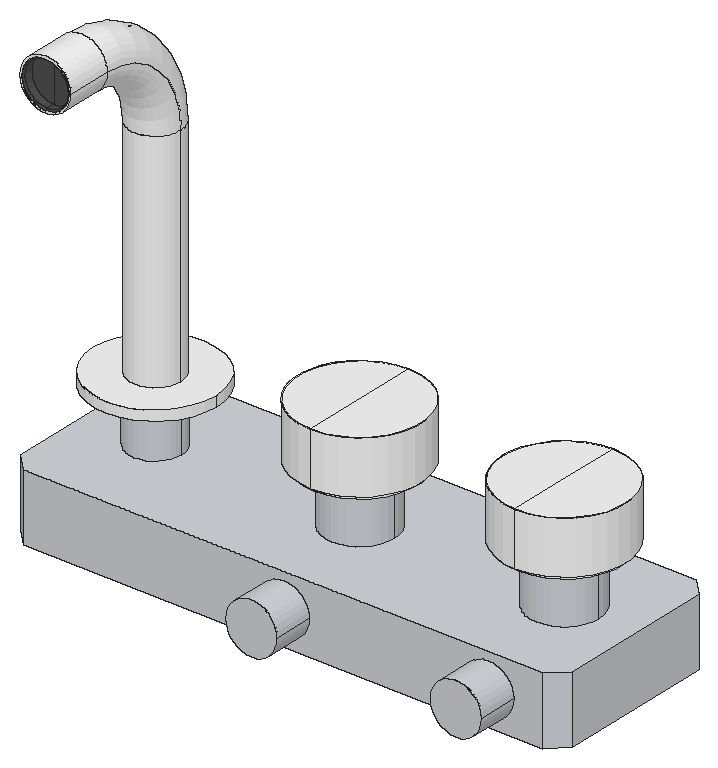
Revit family "Reece_Tap_Milli_Pure_Basin Tap Hostess System_160 mm_Cirque Texture", category Plumbing Fixtures, host Face, Revit 2018
Family settings
  Host = Face
  Round Connector Dimension = Use Diameter
  Part Type = Normal
  Cut with Voids When Loaded = No
  Shared = Yes
  Room Calculation Point = Yes
Parameters (values of type "Chrome")
  WFU = 0  # constant formula
  URL = "https://www.reece.com.au/product/-2224854"
  Type Comments = "Tap"
  Reece_Tap_Reach = 160 mm  # constant formula
  Reece_Tap_Inlet = 15 mm  # constant formula
  Reece_Product_Web Page = "https://www.reece.com.au/product/-2224854"
  Reece_Product_Type = "Tap"  # constant formula
  Reece_Product_Sub Brand = "Pure"  # constant formula
  Reece_Product_Number = "2224854"
  Reece_Product_Mount = "Wall Mounted"
  Reece_Product_Description = "Milli Pure Wall Basin Hostess System 160mm Right Hand with Cirque Textured Handles Chrome (3 star)"
  Reece_Product_Brand = "Milli"  # constant formula
  Reece_Overall_Length = 172.5 mm  # constant formula
  Reece_Material_Secondary = Reece_Brass_Chrome_Cirque Pattern
  Reece_Material_Main = Reece_Brass_Chrome
  Reece_Detail_Tap_Handle Texture = "Cirque Texture"  # constant formula
  Reece_Detail_Installation = ""
  Reece_Detail_Disclaimer = "THIS FILE IS THE PROPERTY OF THE REECE GROUP. IT MAY NOT BE REPRODUCED, REVERSE-ENGINEERED OR MODIFIED. ANY REPUBLICATION, TRANSMISSION OR DISTRIBUTION FOR THE PURPOSE OF COMMERCIALLY EXPLOITING THE FILES IS PROHIBITED."  # constant formula
  Reece_Detail_Connector = ""
  Reece_Detail_Additional = "Basin Tap Hostess System\r\n"  # constant formula
  Reece_3D Texture = no
  Reece_3D Simplified Geometry = not(Reece_3D Texture)  # yes
  Model = "Pure"
  Manufacturer = "Milli"
  Keynote = "Product #2224854, Reece_Tap_Milli_Pure_Basin Tap Hostess System_160 mm_Cirque Texture - Chrome"
  HWFU = 0  # constant formula
  Disclaimer = "THIS FILE IS THE PROPERTY OF THE REECE GROUP. IT MAY NOT BE REPRODUCED, REVERSE-ENGINEERED OR MODIFIED. ANY REPUBLICATION, TRANSMISSION OR DISTRIBUTION FOR THE PURPOSE OF COMMERCIALLY EXPLOITING THE FILES IS PROHIBITED."  # constant formula
  Description = "Milli Pure Wall Basin Hostess System 160mm Right Hand with Cirque Textured Handles Chrome (3 star)"
  Default Elevation = 1000 mm
  CWFU = 0  # constant formula
Types (6, lengths in mm): name | URL | Reece_Product_Web Page | Reece_Product_Number | Reece_Product_Description | Reece_Material_Secondary | Reece_Material_Main | Keynote | Description
  Brushed Gunmetal | "https://www.reece.com.au/product/-2224856" | "https://www.reece.com.au/product/-2224856" | "2224856" | "Milli Pure Wall Basin Hostess System 160mm Right Hand with Cirque Textured Handles Brushed Gunmetal (3 star)" | Reece_Brass_Brushed Gunmetal_Cirque Pattern | Reece_Brass_Brushed Gunmetal | "Product #2224856, Reece_Tap_Milli_Pure_Basin Tap Hostess System_160 mm_Cirque Texture - Brushed Gunmetal" | "Milli Pure Wall Basin Hostess System 160mm Right Hand with Cirque Textured Handles Brushed Gunmetal (3 star)"
  Brushed Nickel | "https://www.reece.com.au/product/-2224855" | "https://www.reece.com.au/product/-2224855" | "2224855" | "Milli Pure Wall Basin Hostess System 160mm Right Hand with Cirque Textured Handles Brushed Nickel (3 star)" | Reece_Brass_Brushed Nickel_Cirque Pattern | Reece_Brass_Brushed Nickel | "Product #2224855, Reece_Tap_Milli_Pure_Basin Tap Hostess System_160 mm_Cirque Texture - Brushed Nickel" | "Milli Pure Wall Basin Hostess System 160mm Right Hand with Cirque Textured Handles Brushed Nickel (3 star)"
  Chrome | "https://www.reece.com.au/product/-2224854" | "https://www.reece.com.au/product/-2224854" | "2224854" | "Milli Pure Wall Basin Hostess System 160mm Right Hand with Cirque Textured Handles Chrome (3 star)" | Reece_Brass_Chrome_Cirque Pattern | Reece_Brass_Chrome | "Product #2224854, Reece_Tap_Milli_Pure_Basin Tap Hostess System_160 mm_Cirque Texture - Chrome" | "Milli Pure Wall Basin Hostess System 160mm Right Hand with Cirque Textured Handles Chrome (3 star)"
  Matte Black | "https://www.reece.com.au/product/-2224857" | "https://www.reece.com.au/product/-2224857" | "2224857" | "Milli Pure Wall Basin Hostess System 160mm Right Hand with Cirque Textured Handles Matte Black (3 star)" | Reece_Brass_Matte Black_Cirque Pattern | Reece_Brass_Matte Black | "Product #2224857, Reece_Tap_Milli_Pure_Basin Tap Hostess System_160 mm_Cirque Texture - Matte Black" | "Milli Pure Wall Basin Hostess System 160mm Right Hand with Cirque Textured Handles Matte Black (3 star)"
  PVD Brushed Bronze | "https://www.reece.com.au/product/-9511060" | "https://www.reece.com.au/product/-9511060" | "9511060" | "Milli Pure Wall Basin Hostess System 160mm Right Hand with Cirque Textured Handles PVD Brushed Bronze (3 Star)" | Reece_PVD_Brushed Bronze_Cirque Pattern | Reece_PVD_Brushed Bronze | "Product #9511060, Reece_Tap_Milli_Pure_Basin Tap Hostess System_160 mm_Cirque Texture - PVD Brushed Bronze" | "Milli Pure Wall Basin Hostess System 160mm Right Hand with Cirque Textured Handles PVD Brushed Bronze (3 Star)"
  PVD Brushed Gold | "https://www.reece.com.au/product/-9510875" | "https://www.reece.com.au/product/-9510875" | "9510875" | "Milli Pure Wall Basin Hostess System 160mm Right Hand with Cirque Textured Handles PVD Brushed Gold (3 Star)" | Reece_PVD_Brushed Gold_Cirque Pattern | Reece_PVD_Brushed Gold | "Product #9510875, Reece_Tap_Milli_Pure_Basin Tap Hostess System_160 mm_Cirque Texture - PVD Brushed Gold" | "Milli Pure Wall Basin Hostess System 160mm Right Hand with Cirque Textured Handles PVD Brushed Gold (3 Star)"
Reference planes
  plane 1 "Center (Front/Back)": y = 0
  plane 2 "Bottom": z = 0
  plane 3 "Center (Left/Right)": x = 0
  plane 4 "Top": z = 172.5
  plane 5: z = 160
  plane 6: y = -67
  plane 7: x = -100
  plane 8: x = 100
Forms (mm)
  Extrusion 1, solid, material "Reece_Brass_Chrome" <- "Reece_Material_Main"
    sketch origin (-50, 0, 0) x (1, 0, 0) y (0, 1, 0)
      loop
        circle (-50, 0) r 30
    from 0 to 5
  Sweep 2, solid, material "Reece_Brass_Chrome" <- "Reece_Material_Main"
    path origin (0, 0, 0) x (0, 1, 0) y (0, 0, 1)
      loop
        line (-67, 160) -> (-45, 160)
        arc (-45, 160) -> (-13.18, 146.82) -> (0, 115) r 45
        line (0, 115) -> (0, 0)
    profile origin (0, 0, 57.5) x (1, 0, 0) y (0, 1, 0)
      loop
        circle (-100, 0) r 12.5
      loop
        circle (-100, 0) r 11.5
  Revolve 3, solid, material "Reece_Brass_Matte Black"
    sketch origin (-100, -183.21, 28.488) x (0, 0.572951, -0.81959) y (0, 0.81959, 0.572951)
      loop
        line (-38.39, 174.619) -> (-37.119, 176.437) -> (-46.38, 182.911) -> (-50.465, 177.068) -> (-49.461, 177.508) -> (-47.184, 180.766) -> (-38.39, 174.619)
      axis (-37.119, 176.437) -> (-41.203, 170.594)
    angle from 0 to 360
  Extrusion 4, solid
    sketch origin (0, 0, 0) x (1, 0, 0) y (0, 1, 0)
      loop
        line (-126.853, 46.5) -> (-135, 38.353) -> (-135, -38.353) -> (-126.853, -46.5) -> (126.853, -46.5) -> (135, -38.353) -> (135, 38.353) -> (126.853, 46.5) -> (-126.853, 46.5)
    from -60 to -27
  Extrusion 5, solid
    sketch origin (50, 0, -3.5) x (-1, 0, 0) y (0, 0, 1)
      loop
        circle (50, -40) r 12.5
    from -66.119 to -46.5
  Extrusion 6, solid
    sketch origin (150, 0, -3.5) x (-1, 0, 0) y (0, 0, 1)
      loop
        circle (50, -40) r 12.5
    from -66.119 to -46.5
  Extrusion 7, void
    sketch origin (-150, 0, 0) x (1, 0, 0) y (0, 1, 0)
      loop
        circle (50, 0) r 17
    from 0 to -27
  Extrusion 8, void
    sketch origin (50, 0, 0) x (-1, 0, 0) y (0, -1, 0)
      loop
        circle (50, 0) r 20
    from 0 to -27
  Extrusion 9, void
    sketch origin (150, 0, 0) x (-1, 0, 0) y (0, -1, 0)
      loop
        circle (50, 0) r 20
    from 0 to -27
  Extrusion 10, solid
    sketch origin (-50, 0, 0) x (1, 0, 0) y (0, 1, 0)
      loop
        circle (50, 0) r 17
    from 0 to -27
  Extrusion 11, solid
    sketch origin (-150, 0, 0) x (1, 0, 0) y (0, 1, 0)
      loop
        circle (50, 0) r 13
    from 0 to -27
  Extrusion 12, solid
    sketch origin (50, 0, 0) x (1, 0, 0) y (0, 1, 0)
      loop
        circle (50, 0) r 17
    from 0 to -27
Cuts and joins
  Extrusion 7 cuts Extrusion 1
  Extrusion 7 cuts Sweep 2
  joined: Extrusion 1, Sweep 2
  Extrusion 7, Extrusion 8, Extrusion 9 cuts Extrusion 4
  Extrusion 7, Extrusion 8, Extrusion 9 cuts Extrusion 5
  Extrusion 7, Extrusion 8, Extrusion 9 cuts Extrusion 6
  joined: Extrusion 4, Extrusion 5, Extrusion 6, Extrusion 10, Extrusion 11, Extrusion 12
Text (mm)
  text "Reece Copyright © 2018, Reece Ltd." at (-1177.398, -222.799, 0), in view "Ref. Level"
  text "Reece ©" at (44.384, 258.95, 192.345), in view "Reece Preview"
Dimensions and locks
  "Reece_Tap_Reach": plane 5 to plane 2 "Bottom"
  plane 1 "Center (Front/Back)" to plane 6 = 67 mm
  locked: plane 4 "Top" to plane 5 at 12.5
  "Reece_Overall_Length": plane 4 "Top" to plane 2 "Bottom"
  plane 7 to plane 3 "Center (Left/Right)" to plane 8 = 100 mm, 100 mm
  aligned and locked: plane 2 "Bottom" to host face
  aligned and locked: level to host face
  aligned and locked: plane 5 to Sweep 2 sketch curve
  aligned and locked: plane 6 to Sweep 2 sketch curve
Automatic sketch dimensions
  host sketch curve to host sketch curve = 380.785 mm
  host sketch curve to host sketch curve = 317.421 mm
  plane 1 "Center (Front/Back)" to Extrusion 1 sketch curve = 0 mm
  Extrusion 1 sketch curve to plane 3 "Center (Left/Right)" = 100 mm
  level to Sweep 2 sketch curve = 0 mm
  Sweep 2 sketch curve to plane 1 "Center (Front/Back)" = 0 mm
  Sweep 2 sketch curve to plane 6 = 22 mm
  Sweep 2 sketch curve to Sweep 2 sketch curve = 0 mm  (x2)
  profile plane to Sweep 2 sketch curve = 0 mm
  Sweep 2 sketch curve to plane 3 "Center (Left/Right)" = 100 mm
  Revolve 3 sketch curve to plane 5 = 0 mm  (x4)
  Revolve 3 sketch curve to plane 6 = 0 mm
  Revolve 3 sketch curve to plane 4 "Top" = 1.2 mm
  Revolve 3 sketch curve to Revolve 3 sketch curve = 1.003 mm
  Revolve 3 sketch curve to Revolve 3 sketch curve = 2.278 mm
  Revolve 3 sketch curve to Revolve 3 sketch curve = 0.803 mm
  Revolve 3 sketch curve to Revolve 3 sketch curve = 1.271 mm
  Revolve 3 sketch curve to Revolve 3 sketch curve = 17.422 mm
  Revolve 3 sketch curve to Revolve 3 sketch curve = 3.892 mm
  Extrusion 4 sketch curve to Extrusion 4 sketch curve = 8.147 mm  (x7)
  Extrusion 4 sketch curve to plane 1 "Center (Front/Back)" = 46.5 mm
  Extrusion 4 sketch curve to plane 3 "Center (Left/Right)" = 126.853 mm
  Extrusion 4 sketch curve to plane 6 = 20.5 mm
  Extrusion 4 sketch curve to Extrusion 4 sketch curve = 0 mm
  plane 3 "Center (Left/Right)" to Extrusion 4 sketch curve = 126.853 mm
  Extrusion 5 sketch curve to plane 3 "Center (Left/Right)" = 0 mm
  Extrusion 5 sketch curve to level = 43.5 mm
  Extrusion 6 sketch curve to plane 8 = 0 mm
  Extrusion 6 sketch curve to level = 43.5 mm
  Extrusion 7 sketch curve to Extrusion 7 sketch curve = 0 mm  (x2)
  plane 1 "Center (Front/Back)" to Extrusion 7 sketch curve = 0 mm
  Extrusion 7 sketch curve to plane 7 = 0 mm
  plane 7 to Extrusion 7 sketch curve = 17 mm
  Extrusion 8 sketch curve to Extrusion 8 sketch curve = 0 mm  (x2)
  plane 1 "Center (Front/Back)" to Extrusion 8 sketch curve = 0 mm
  Extrusion 8 sketch curve to plane 3 "Center (Left/Right)" = 0 mm
  Extrusion 8 sketch curve to plane 3 "Center (Left/Right)" = 20 mm
  Extrusion 9 sketch curve to Extrusion 9 sketch curve = 0 mm  (x2)
  plane 1 "Center (Front/Back)" to Extrusion 9 sketch curve = 0 mm
  Extrusion 9 sketch curve to plane 8 = 0 mm
  Extrusion 9 sketch curve to plane 8 = 20 mm
  Extrusion 10 sketch curve to Extrusion 10 sketch curve = 0 mm  (x2)
  plane 1 "Center (Front/Back)" to Extrusion 10 sketch curve = 0 mm
  Extrusion 10 sketch curve to plane 3 "Center (Left/Right)" = 0 mm
  Extrusion 10 sketch curve to Extrusion 10 sketch curve = 17 mm
  Extrusion 11 sketch curve to Extrusion 11 sketch curve = 0 mm  (x2)
  plane 1 "Center (Front/Back)" to Extrusion 11 sketch curve = 0 mm
  Extrusion 11 sketch curve to plane 7 = 0 mm
  plane 7 to Extrusion 11 sketch curve = 13 mm
  Extrusion 12 sketch curve to Extrusion 12 sketch curve = 0 mm  (x2)
  plane 1 "Center (Front/Back)" to Extrusion 12 sketch curve = 0 mm
  Extrusion 12 sketch curve to plane 8 = 0 mm
  Extrusion 12 sketch curve to Extrusion 12 sketch curve = 17 mm
  radius of Extrusion 1 sketch curve = 30 mm
  radius of Sweep 2 sketch curve = 12.5 mm
  radius of Sweep 2 sketch curve = 11.5 mm
  radius of Extrusion 5 sketch curve = 12.5 mm
  radius of Extrusion 6 sketch curve = 12.5 mm
Nested families
  nested 1: "Reece_Tap_Milli_Pure_Cap_Cirque Texture_3D" at (0, 0, 0), visible <- "Reece_3D Texture", Reece_Material_Main <- "Reece_Material_Main", Reece_Material_Secondary <- "Reece_Material_Secondary", type "60mm x 28mm"
    with Reece_Material_Secondary Reece_Brass_Chrome_Cirque Pattern, Reece_Material_Main Reece_Brass_Chrome
  nested 2: "Reece_Tap_Milli_Pure_Cap_Main_2D" at (0, 0, 0), visible <- "Reece_3D Simplified Geometry", Reece_Material_Main <- "Reece_Material_Main", Reece_Material_Secondary <- "Reece_Material_Secondary", type "60mm x 28mm"
    with Reece_Material_Secondary Reece_Brass_Chrome_Cirque Pattern, Reece_Material_Main Reece_Brass_Chrome, Reece_Overall_Height 28 mm
  nested 3: "Reece_Tap_Milli_Pure_Cap_Cirque Texture_3D" at (100, 0, 0), visible <- "Reece_3D Texture", Reece_Material_Main <- "Reece_Material_Main", Reece_Material_Secondary <- "Reece_Material_Secondary", type "60mm x 28mm"
    with Reece_Material_Secondary Reece_Brass_Chrome_Cirque Pattern, Reece_Material_Main Reece_Brass_Chrome
  nested 4: "Reece_Tap_Milli_Pure_Cap_Main_2D" at (100, 0, 0), visible <- "Reece_3D Simplified Geometry", Reece_Material_Main <- "Reece_Material_Main", Reece_Material_Secondary <- "Reece_Material_Secondary", type "60mm x 28mm"
    with Reece_Material_Secondary Reece_Brass_Chrome_Cirque Pattern, Reece_Material_Main Reece_Brass_Chrome, Reece_Overall_Height 28 mm
Connectors
  piping at (0, -66.119, -43.5), diameter 15, driven by "Reece_Tap_Inlet"
    settings: on cut or joined group 1 (Extrusion 4, Extrusion 5, Extrusion 6, Extrusion 7, Extrusion 8, Extrusion 9, Extrusion 10, Extrusion 11, Extrusion 12), index 1, connector inside diameter 609.6 mm, connector length 0 mm, flow factor 0, pipe flow 0.0 L/s, pressure drop 0.0 Pa, fitting loss kfactor 0, connector angle 0.00°, fixture units 0, engagement length 0 mm, angle of deflection 0.00°, flow configuration 0, flow direction 1, fitting loss method 0, system type 29, joint type 0, gender type 0, connector reference index -1, connector utility 0, adjustable connector no, is connector primary yes, connector description ""
  piping at (100, -66.119, -43.5), diameter 15, driven by "Reece_Tap_Inlet"
    settings: on cut or joined group 1, index 2, connector inside diameter 609.6 mm, connector length 0 mm, flow factor 0, pipe flow 0.0 L/s, pressure drop 0.0 Pa, fitting loss kfactor 0, connector angle 0.00°, fixture units 0, engagement length 0 mm, angle of deflection 0.00°, flow configuration 0, flow direction 1, fitting loss method 0, system type 29, joint type 0, gender type 0, connector reference index -1, connector utility 0, adjustable connector no, is connector primary no, connector description ""
Definition of nested family "Reece_Tap_Milli_Pure_Cap_Cirque Texture_3D"
  Parameters (values of type "62mm x 30mm")
    WFU = 0  # constant formula
    Reece_Overall_Length = 62 mm
    Reece_Overall_Height = 30 mm
    Reece_Material_Secondary [instance] = none
    Reece_Material_Main [instance] = none
    Reece_Detail_Installation = ""
    Reece_Detail_Connector = ""
    Reece_Detail_Additional = ""
    HWFU = 0  # constant formula
    Default Elevation = 1000 mm
    CWFU = 0  # constant formula
  Types (5, lengths in mm): name | Reece_Overall_Length | Reece_Overall_Height
    (no name) | 62 | 30
    54mm x 30mm | 54 | 30
    62mm x 30mm | 62 | 30
    60mm x 28mm | 60 | 28
    60mm x 26mm | 60 | 26
  Reference planes
    plane 1 "Center (Front/Back)": y = 0
    plane 2 "Bottom": z = 0
    plane 3 "Center (Left/Right)": x = 0
    plane 4: y = -31
    plane 5: y = 31
    plane 6: z = 30
    plane 7: y = 29
    plane 8: z = 28.097
  Forms (mm)
    Extrusion 1, solid
      sketch origin (619.2, -619.2, 0) x (1, 0, 0) y (0, 1, 0)
        loop
          line (-809.2, 779.2) -> (-809.2, 461.779) -> (-428.415, 461.779) -> (-428.415, 779.2) -> (-809.2, 779.2)
      from 0 to -9.564
    Revolve 2, solid, material <- "Reece_Material_Main"
      sketch origin (0, 0, -140.292) x (0, 1, 0) y (0, 0, 1)
        loop
          line (0, 170.292) -> (-31, 170.292) -> (-31, 168.388)
          arc (-31, 168.388) -> (-30.55, 167.938) -> (-31, 167.488) r 0.45
          line (-31, 167.488) -> (-31, 166.322)
          arc (-31, 166.322) -> (-30.55, 165.872) -> (-31, 165.422) r 0.45
          line (-31, 165.422) -> (-31, 164.503)
          arc (-31, 164.503) -> (-30.55, 164.053) -> (-31, 163.603) r 0.45
          line (-31, 163.603) -> (-31, 162.603)
          arc (-31, 162.603) -> (-30.55, 162.153) -> (-31, 161.703) r 0.45
          line (-31, 161.703) -> (-31, 160.703)
          arc (-31, 160.703) -> (-30.55, 160.253) -> (-31, 159.803) r 0.45
          line (-31, 159.803) -> (-31, 158.926)
          arc (-31, 158.926) -> (-30.55, 158.476) -> (-31, 158.026) r 0.45
          line (-31, 158.026) -> (-31, 156.891)
          arc (-31, 156.891) -> (-30.55, 156.441) -> (-31, 155.991) r 0.45
          line (-31, 155.991) -> (-31, 155.011)
          arc (-31, 155.011) -> (-30.55, 154.561) -> (-31, 154.111) r 0.45
          line (-31, 154.111) -> (-31, 153.103)
          arc (-31, 153.103) -> (-30.55, 152.653) -> (-31, 152.203) r 0.45
          line (-31, 152.203) -> (-31, 151.092)
          arc (-31, 151.092) -> (-30.55, 150.642) -> (-31, 150.192) r 0.45
          line (-31, 150.192) -> (-31, 149.192)
          arc (-31, 149.192) -> (-30.55, 148.742) -> (-31, 148.292) r 0.45
          line (-31, 148.292) -> (-31, 142.292) -> (-29, 142.292) -> (-29, 140.292) -> (-27, 140.292) -> (-27, 166.803) -> (0, 166.803) -> (0, 170.292)
        axis (0, 140.292) -> (0, 170.292)
      angle from 0 to 360
  Text (mm)
    text "Reece Copyright © 2018, Reece Ltd." at (-1403.988, -1192.393, 0), in view "Ref. Level"
    text "Reece ©" at (44.384, 258.95, 192.345), in view "Reece Preview"
  Dimensions and locks
    equal spacing: plane 5, plane 1 "Center (Front/Back)", plane 4
    "Reece_Overall_Length": plane 5 to plane 4
    "Reece_Overall_Height": plane 6 to plane 2 "Bottom"
    locked: plane 5 to plane 7 at 2
    locked: plane 8 to plane 6 at 1.903
    aligned and locked: plane 2 "Bottom" to Extrusion 1
    aligned and locked: level to Extrusion 1
    aligned and locked: plane 6 to Revolve 2 sketch curve  (x2)
    aligned and locked: plane 8 to Revolve 2 sketch curve
  Automatic sketch dimensions
    Extrusion 1 sketch curve to Extrusion 1 sketch curve = 380.785 mm
    Extrusion 1 sketch curve to Extrusion 1 sketch curve = 317.421 mm
    Revolve 2 sketch curve to plane 4 = 0 mm
    level to Revolve 2 sketch curve = 0 mm
    Revolve 2 sketch curve to plane 1 "Center (Front/Back)" = 0 mm  (x2)
    level to Revolve 2 sketch curve = 2 mm
    Revolve 2 sketch curve to Revolve 2 sketch curve = 0.45 mm  (x11)
    Revolve 2 sketch curve to Revolve 2 sketch curve = 1 mm  (x3)
    Revolve 2 sketch curve to Revolve 2 sketch curve = 1.111 mm
    Revolve 2 sketch curve to Revolve 2 sketch curve = 1.458 mm
    Revolve 2 sketch curve to Revolve 2 sketch curve = 0.979 mm
    Revolve 2 sketch curve to Revolve 2 sketch curve = 1.135 mm
    Revolve 2 sketch curve to Revolve 2 sketch curve = 0.877 mm
    Revolve 2 sketch curve to Revolve 2 sketch curve = 0.919 mm
    Revolve 2 sketch curve to plane 6 = 3.489 mm
    Revolve 2 sketch curve to Revolve 2 sketch curve = 1.166 mm
    Revolve 2 sketch curve to Revolve 2 sketch curve = 17.996 mm
    Revolve 2 sketch curve to Revolve 2 sketch curve = 3.712 mm
    plane 4 to Revolve 2 sketch curve = 2 mm
    plane 4 to Revolve 2 sketch curve = 4 mm
Definition of nested family "Reece_Tap_Milli_Pure_Cap_Main_2D"
  Parameters (values of type "60mm x 26mm")
    WFU = 0  # constant formula
    Reece_Overall_Width = 60 mm
    Reece_Overall_Height = 26 mm
    Reece_Material_Secondary [instance] = none
    Reece_Material_Main [instance] = none
    Reece_Detail_Installation = ""
    Reece_Detail_Connector = ""
    Reece_Detail_Additional = ""
    HWFU = 0  # constant formula
    Default Elevation = 1000 mm
    CWFU = 0  # constant formula
  Reference planes
    plane 1 "Center (Front/Back)": y = 0
    plane 2 "Bottom": z = 0
    plane 3 "Center (Left/Right)": x = 0
    plane 4: y = -30
    plane 5: y = 30
    plane 6: z = 26
    plane 7: y = -28
    plane 8: y = 28
    plane 9: z = 14
    plane 10: z = 2
  Forms (mm)
    Extrusion 1, solid
      sketch origin (619.2, -619.2, 0) x (1, 0, 0) y (0, 1, 0)
        loop
          line (-809.2, 779.2) -> (-809.2, 461.779) -> (-428.415, 461.779) -> (-428.415, 779.2) -> (-809.2, 779.2)
      from 0 to -9.564
    Revolve 2, solid, material <- "Reece_Material_Secondary"
      sketch origin (0, 50, 0) x (0, -1, 0) y (0, 0, 1)
        loop
          line (50, 0) -> (78, 0) -> (78, 2) -> (80, 2) -> (80, 26) -> (78, 24) -> (50, 24) -> (50, 0)
        axis (50, 0) -> (50, 26)
      angle from 0 to 360
    Revolve 3, solid, material <- "Reece_Material_Main"
      sketch origin (0, 50, 0) x (0, -1, 0) y (0, 0, 1)
        loop
          line (80, 26) -> (50, 26) -> (50, 24) -> (78, 24) -> (80, 26)
        axis (50, 24) -> (50, 26)
      angle from 0 to 360
  Text (mm)
    text "Reece Copyright © 2018, Reece Ltd." at (-1403.988, -1192.393, 0), in view "Ref. Level"
    text "Reece ©" at (44.384, 258.95, 192.345), in view "Reece Preview"
  Dimensions and locks
    equal spacing: plane 5, plane 1 "Center (Front/Back)", plane 4
    "Reece_Overall_Width": plane 5 to plane 4
    "Reece_Overall_Height": plane 6 to plane 2 "Bottom"
    locked: plane 7 to plane 4 at 2
    locked: plane 5 to plane 8 at 2
    equal spacing: plane 6, plane 9, plane 10
    locked: plane 10 to plane 2 "Bottom" at 2
    aligned and locked: plane 2 "Bottom" to Extrusion 1
    aligned and locked: level to Extrusion 1
    aligned and locked: plane 7 to Revolve 2 sketch curve
  Automatic sketch dimensions
    Extrusion 1 sketch curve to Extrusion 1 sketch curve = 380.785 mm
    Extrusion 1 sketch curve to Extrusion 1 sketch curve = 317.421 mm
    Revolve 2 sketch curve to plane 1 "Center (Front/Back)" = 0 mm  (x2)
    Revolve 2 sketch curve to level = 0 mm
    Revolve 2 sketch curve to plane 7 = 0 mm
    Revolve 2 sketch curve to plane 4 = 0 mm
    Revolve 2 sketch curve to plane 6 = 0 mm  (x2)
    level to Revolve 2 sketch curve = 2 mm
    Revolve 2 sketch curve to plane 6 = 2 mm
    Revolve 2 sketch curve to Revolve 2 sketch curve = 10 mm
    Revolve 3 sketch curve to plane 1 "Center (Front/Back)" = 0 mm  (x2)
    Revolve 3 sketch curve to plane 7 = 0 mm
    Revolve 3 sketch curve to plane 4 = 0 mm
    Revolve 3 sketch curve to plane 6 = 0 mm  (x2)
    Revolve 3 sketch curve to plane 6 = 2 mm
    Revolve 3 sketch curve to Revolve 3 sketch curve = 10 mm
